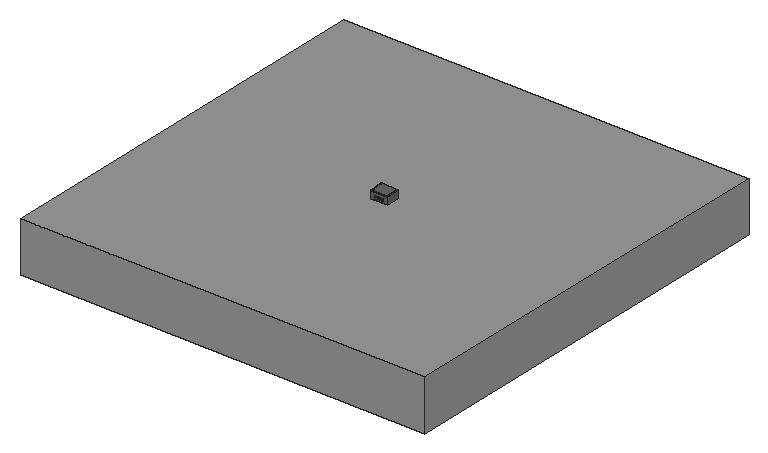
Revit family "PARLÉ TCM-1 Network Box_rev2", category Communication Devices, host Face, Revit 2019
Family settings
  Host = Face
  Maintain Annotation Orientation = No
  Round Connector Dimension = Use Diameter
  Part Type = Normal
  Cut with Voids When Loaded = No
  Shared = Yes
  Room Calculation Point = Yes
Parameters (values of type "PARLÉ™ TCM-1EX - Plenum Network Box")
  Width = 0' - 4"
  Weight Product = 0.8
  TCM1/1A = no
  TCM-1EX = yes
  Regulatory Compliance = "FCC Part 15B (USA) CE marked (Europe) UL and C-UL listed (USA and Canada) RoHS Directive (Europe) Evaluated to the requirements of UL 2043 and is suitable for use in air handling spaces"
  Product Page URL = "https://www.biamp.com/products/product-families/parle/parle-microphones#parle-tcm-1"
  Product Documentation Link = "https://downloads.biamp.com/assets/docs/default-source/data-sheets/biamp_data_sheet_parle_tcm-1_jul19.pdf?sfvrsn=d3006c31_26&_ga=2.101726529.1990077202.1620849750-121540068.1620849750"
  Power = "Custom/Proprietary"
  POE+ = no
  POE Power = 0
  Model = "PARLÉ™ TCM-1EX"
  Max Distance Between Devices = "33 feet (10 meters) between TCM plenum boxes"
  Manufacturer URL = "https://www.biamp.com/"
  Manufacturer = "Biamp Systems"
  Height = 0' - 2"
  Description = "Pendant Microphone Expansion Mic only. Requires TCM 1/1A."
  Depth = 0' - 5 1/4"
  Default Elevation = 0' - 0"
  Connector = "Two RJ-45: one between TCM-1EX plenum box and TCM-1 or TCM-1A, the other between TCM-1EX plenum box and additional TCM-1EX plenum box; 2-pin 3.5 mm Phoenix connector to TCM-1EX microphone"
  Case Finish = Black Finish
  Amplifier = "None"
Types (3): name | Width | Weight Product | TCM1/1A | TCM-1EX | Power | POE+ | POE Power | Model | Max Distance Between Devices | Description | Depth | Connector | Amplifier
  PARLÉ™ TCM-1 - Plenum Network Box | 0' - 7" | 2.4 | yes | no | "PoE (IEEE 802.3at Class 3, 15.4W)" | no | 15.4 | "PARLÉ™ TCM-1" | "330 feet (100 meters) from switch to TCM-1 plenum box; 33 feet (10 meters) for daisy-chained connections between TCM plenum boxes" | "Pendant Microphone Network Box only. Refer to Parle TCM-1 Mic for additional data." | 0' - 7 1/8" | "Two RJ-45: one between TCM-1 plenum box and switch, the other between TCM-1 plenum box and additional TCM-1EX plenum box; 2-pin 3.5 mm Phoenix connector to TCM-1 microphone" | "None"
  PARLÉ™ TCM-1A - Plenum Network Box | 0' - 7" | 2.4 | yes | no | "PoE (IEEE 802.3at Class 3, 30W)" | yes | 30 | "PARLÉ™ TCM-1A" | "330 feet (100 meters) from switch to TCM-1 plenum box; 33 feet (10 meters) for daisy-chained connections between TCM plenum boxes" | "Pendant Microphone Network Box with amplifier only. Refer to Parle TCM-1 Mic for additional data." | 0' - 7 1/8" | "Two RJ-45: one between TCM-1 plenum box and switch, the other between TCM-1 plenum box and additional TCM-1EX plenum box; 2-pin 3.5 mm Phoenix connector to TCM-1 microphone" | "2X Class D - 4Ω (per channel): 40W - 8Ω (per channel): 30W"
  PARLÉ™ TCM-1EX - Plenum Network Box | 0' - 4" | 0.8 | no | yes | "Custom/Proprietary" | no | 0 | "PARLÉ™ TCM-1EX" | "33 feet (10 meters) between TCM plenum boxes" | "Pendant Microphone Expansion Mic only. Requires TCM 1/1A." | 0' - 5 1/4" | "Two RJ-45: one between TCM-1EX plenum box and TCM-1 or TCM-1A, the other between TCM-1EX plenum box and additional TCM-1EX plenum box; 2-pin 3.5 mm Phoenix connector to TCM-1EX microphone" | "None"
Reference planes (in)
  plane 1 "Center (Front/Back)": y = 0
  plane 2: z = 0
  plane 3 "Center (Left/Right)": x = 0
Forms (in)
  Extrusion 1, solid, material "Light Gray Finish"
    sketch origin (0, 0, 0) x (1, 0, 0) y (0, 1, 0)
      loop
        line (-48, 48) -> (-48, -48) -> (48, -48) -> (48, 48) -> (-48, 48)
    from 0 to -12
  Extrusion 2, solid, material "Black Finish" <- "Case Finish", visible <- "TCM1/1A"
    sketch origin (0, 0, 0) x (1, 0, 0) y (0, 1, 0)
      loop
        line (-3.11892, -3.37055) -> (-3.28477, -3.37055)
        arc (-3.28477, -3.37055) -> (-3.30669, -3.36147) -> (-3.31577, -3.33956) r 0.031
        line (-3.31577, -3.33956) -> (-3.31577, 3.33956)
        arc (-3.31577, 3.33956) -> (-3.30669, 3.36147) -> (-3.28477, 3.37055) r 0.031
        line (-3.28477, 3.37055) -> (-3.11892, 3.37055) -> (-3.11892, 3.4062) -> (-3.28477, 3.4062)
        arc (-3.28477, 3.4062) -> (-3.3319, 3.38668) -> (-3.35143, 3.33954) r 0.06666
        line (-3.35143, 3.33954) -> (-3.35143, -3.33954)
        arc (-3.35143, -3.33954) -> (-3.3319, -3.38668) -> (-3.28477, -3.4062) r 0.06666
        line (-3.28477, -3.4062) -> (-3.11892, -3.4062) -> (-3.11892, -3.37055)
      loop
        line (3.11892, -3.37055) -> (3.11892, -3.4062) -> (3.28477, -3.4062)
        arc (3.28477, -3.4062) -> (3.3319, -3.38668) -> (3.35143, -3.33954) r 0.06666
        line (3.35143, -3.33954) -> (3.35143, 3.33954)
        arc (3.35143, 3.33954) -> (3.3319, 3.38668) -> (3.28477, 3.4062) r 0.06666
        line (3.28477, 3.4062) -> (3.11892, 3.4062) -> (3.11892, 3.37055) -> (3.28477, 3.37055)
        arc (3.28477, 3.37055) -> (3.30669, 3.36147) -> (3.31577, 3.33956) r 0.031
        line (3.31577, 3.33956) -> (3.31577, -3.33956)
        arc (3.31577, -3.33956) -> (3.30669, -3.36147) -> (3.28477, -3.37055) r 0.031
        line (3.28477, -3.37055) -> (3.11892, -3.37055)
    from 0.08119 to 1.66524
  Extrusion 3, solid, material "Black Finish" <- "Case Finish", visible <- "TCM1/1A"
    sketch origin (0, 0, 0) x (1, 0, 0) y (0, 0, 1)
      loop
        arc (-3.43004, 0.08119) -> (-3.40626, 0.02378) -> (-3.34885, 0) r 0.08119
        line (-3.34885, 0) -> (3.34885, 0)
        arc (3.34885, 0) -> (3.40626, 0.02378) -> (3.43004, 0.08119) r 0.08119
        line (3.43004, 0.08119) -> (3.37966, 0.08119)
        arc (3.37966, 0.08119) -> (3.37064, 0.05941) -> (3.34887, 0.05039) r 0.0308
        line (3.34887, 0.05039) -> (-3.34887, 0.05039)
        arc (-3.34887, 0.05039) -> (-3.37064, 0.05941) -> (-3.37966, 0.08119) r 0.0308
        line (-3.37966, 0.08119) -> (-3.43004, 0.08119)
    from -3.35196 to 3.35194
  Extrusion 4, solid, material "Black Finish" <- "Case Finish", visible <- "TCM1/1A"
    sketch origin (0, 0, 0) x (1, 0, 0) y (0, 1, 0)
      loop
        line (-3.28477, -3.35194) -> (3.28581, -3.35194) -> (3.28581, -3.3163) -> (-3.28477, -3.3163) -> (-3.28477, -3.35194)
    from 0.05039 to 1.66524
  Extrusion 5, solid, material "Black Finish" <- "Case Finish", visible <- "TCM1/1A"
    sketch origin (0, 0, 0) x (1, 0, 0) y (0, 1, 0)
      loop
        line (-3.28477, 3.35194) -> (-3.28477, 3.3163) -> (3.28581, 3.3163) -> (3.28581, 3.35194) -> (-3.28477, 3.35194)
    from 0.05039 to 1.66524
  Extrusion 6, solid, material "Black Finish" <- "Case Finish", visible <- "TCM1/1A"
    sketch origin (0, 0, 0) x (1, 0, 0) y (0, 0, 1)
      loop
        line (-3.37547, 1.66524) -> (-3.33769, 1.66524) -> (-3.33769, 1.91581)
        arc (-3.33769, 1.91581) -> (-3.32868, 1.93758) -> (-3.30691, 1.94661) r 0.0308
        line (-3.30691, 1.94661) -> (-3.30691, 1.983)
        arc (-3.30691, 1.983) -> (-3.35531, 1.9638) -> (-3.37547, 1.91581) r 0.06721
        line (-3.37547, 1.91581) -> (-3.37547, 1.66524)
      loop
        line (3.37547, 1.66524) -> (3.37547, 1.91581)
        arc (3.37547, 1.91581) -> (3.35531, 1.9638) -> (3.30691, 1.983) r 0.06721
        line (3.30691, 1.983) -> (3.30691, 1.94661)
        arc (3.30691, 1.94661) -> (3.32868, 1.93758) -> (3.33769, 1.91581) r 0.0308
        line (3.33769, 1.91581) -> (3.33769, 1.66524) -> (3.37547, 1.66524)
    from -3.24462 to 3.24461
  Extrusion 7, solid, material "Black Finish" <- "Case Finish", visible <- "TCM1/1A"
    sketch origin (0.00001, -0.1329, 0) x (0, 1, 0) y (0, 0, 1)
      loop
        line (-3.18026, 1.66524) -> (-3.14249, 1.66524) -> (-3.14249, 1.91581)
        arc (-3.14249, 1.91581) -> (-3.13347, 1.93758) -> (-3.11171, 1.94661) r 0.0308
        line (-3.11171, 1.94661) -> (-3.11171, 1.983)
        arc (-3.11171, 1.983) -> (-3.1601, 1.9638) -> (-3.18026, 1.91581) r 0.06721
        line (-3.18026, 1.91581) -> (-3.18026, 1.66524)
      loop
        line (3.44608, 1.66524) -> (3.44608, 1.91581)
        arc (3.44608, 1.91581) -> (3.42592, 1.9638) -> (3.37752, 1.983) r 0.06721
        line (3.37752, 1.983) -> (3.37752, 1.94661)
        arc (3.37752, 1.94661) -> (3.39929, 1.93758) -> (3.4083, 1.91581) r 0.0308
        line (3.4083, 1.91581) -> (3.4083, 1.66524) -> (3.44608, 1.66524)
    from -3.24462 to 3.24461
  Extrusion 8, solid, material "Black Finish" <- "Case Finish", visible <- "TCM1/1A"
    sketch origin (0, 0, 0) x (1, 0, 0) y (0, 1, 0)
      loop
        line (-3.30691, 3.24462) -> (-3.30691, -3.24461) -> (3.30691, -3.24461) -> (3.30691, 3.24462) -> (-3.30691, 3.24462)
    from 1.66524 to 1.983
  Extrusion 9, solid, material "Black Finish" <- "Case Finish", visible <- "TCM1/1A"
    sketch origin (0, 0, 0) x (1, 0, 0) y (0, 1, 0)
      loop
        line (3.43004, 0.73676) -> (3.43004, 0.69094) -> (3.47174, 0.64622) -> (3.47174, -0.64622) -> (3.43004, -0.69094) -> (3.43004, -0.73676) -> (3.50299, -0.65853) -> (3.50299, 0.65853) -> (3.43004, 0.73676)
    from 0.08119 to 1.66572
  Extrusion 10, solid, material "Black Finish" <- "Case Finish", visible <- "TCM1/1A"
    sketch origin (0, 0, 0) x (1, 0, 0) y (0, 0, 1)
      loop
        line (-1.78322, 0.84966) -> (-1.78322, 0.29534) -> (-1.09903, 0.29534) -> (-1.09903, 0.84966) -> (-1.78322, 0.84966)
      loop
        line (0.21757, 0.84966) -> (0.21757, 0.29534) -> (0.90177, 0.29534) -> (0.90177, 0.84966) -> (0.21757, 0.84966)
    from 3.31125 to 3.35194
  Extrusion 11, solid, material "Black Finish" <- "Case Finish", visible <- "TCM1/1A"
    sketch origin (0, 0, 0) x (1, 0, 0) y (0, 0, 1)
      loop
        line (3.43004, 1.66572) -> (3.37966, 1.66572) -> (3.37966, 0.08119) -> (3.43004, 0.08119) -> (3.43004, 1.66572)
      loop
        line (-3.43004, 1.66572) -> (-3.43004, 0.08119) -> (-3.37966, 0.08119) -> (-3.37966, 1.66572) -> (-3.43004, 1.66572)
    from -3.35196 to 3.35194
  Extrusion 12, void
    sketch origin (0, 0, 0) x (1, 0, 0) y (0, 1, 0)
      loop
        arc (1.61303, 2.54401) -> (1.70556, 2.45149) -> (1.79808, 2.54401) r 0.09252
        line (1.79808, 2.54401) -> (1.79808, 2.7209)
        arc (1.79808, 2.7209) -> (1.70556, 3.06661) -> (1.61303, 2.7209) r 0.18523
        line (1.61303, 2.7209) -> (1.61303, 2.54401)
      loop
        arc (1.61303, -2.88108) -> (1.70556, -2.9736) -> (1.79808, -2.88108) r 0.09252
        line (1.79808, -2.88108) -> (1.79808, -2.70419)
        arc (1.79808, -2.70419) -> (1.70556, -2.35848) -> (1.61303, -2.70419) r 0.18523
        line (1.61303, -2.70419) -> (1.61303, -2.88108)
    from 1.94661 to 1.983
  Extrusion 13, solid, material "Black Finish" <- "Case Finish", visible <- "TCM-1EX"
    sketch origin (0, 0, 0) x (1, 0, 0) y (0, 0, 1)
      loop
        line (-2.05432, 1.64479) -> (-2.05432, 0) -> (1.9993, 0) -> (1.9993, 1.64479) -> (-2.05432, 1.64479)
    from -1.58227 to 1.58414
  Extrusion 14, solid, material "Black Finish" <- "Case Finish", visible <- "TCM-1EX"
    sketch origin (0, 0, 0) x (1, 0, 0) y (0, 0, 1)
      loop
        arc (-1.8528, 1.95854) -> (-1.90069, 1.93871) -> (-1.92053, 1.89082) r 0.06773
        line (-1.92053, 1.89082) -> (-1.92053, 1.64479) -> (-1.8846, 1.64479) -> (-1.8846, 1.89082)
        arc (-1.8846, 1.89082) -> (-1.87529, 1.91329) -> (-1.85281, 1.9226) r 0.03179
        line (-1.85281, 1.9226) -> (1.85281, 1.9226)
        arc (1.85281, 1.9226) -> (1.87529, 1.91329) -> (1.8846, 1.89082) r 0.03179
        line (1.8846, 1.89082) -> (1.8846, 1.64479) -> (1.92053, 1.64479) -> (1.92053, 1.89082)
        arc (1.92053, 1.89082) -> (1.90069, 1.93871) -> (1.8528, 1.95854) r 0.06773
        line (1.8528, 1.95854) -> (-1.8528, 1.95854)
    from -1.46635 to 1.46526
  Extrusion 15, solid, material "Black Finish" <- "Case Finish", visible <- "TCM-1EX"
    sketch origin (0, 0, 0) x (1, 0, 0) y (0, 0, 1)
      loop
        line (-1.8846, 1.64479) -> (1.88414, 1.64479) -> (1.88414, 1.92233) -> (-1.8846, 1.92233) -> (-1.8846, 1.64479)
    from -1.46635 to 1.46526
  Extrusion 16, solid, material "Black Finish" <- "Case Finish", visible <- "TCM-1EX"
    sketch origin (0, 0, 0) x (1, 0, 0) y (0, 0, 1)
      loop
        line (-0.91154, 1.00484) -> (-0.91154, 0.44783) -> (-0.26469, 0.44783) -> (-0.26469, 1.00484) -> (-0.91154, 1.00484)
      loop
        line (0.2633, 1.00484) -> (0.2633, 0.44783) -> (0.91017, 0.44783) -> (0.91017, 1.00484) -> (0.2633, 1.00484)
    from 1.58414 to 1.62327
Cuts and joins
  Extrusion 12 cuts Extrusion 3
  Extrusion 12 cuts Extrusion 4
  Extrusion 12 cuts Extrusion 5
  joined: Extrusion 3, Extrusion 4, Extrusion 5
  Extrusion 12 cuts Extrusion 8
  joined: Extrusion 6, Extrusion 7, Extrusion 8
  joined: Extrusion 9, Extrusion 11
Dimensions and locks (in)
  aligned and locked: plane 2 to Extrusion 1
  aligned and locked: level to Extrusion 1
  aligned and locked: cut or joined group of Extrusion 6, Extrusion 7, Extrusion 8, Extrusion 12 to Extrusion 12
Connectors (in)
  electrical at (-1.44113, -3.35194, 0.5725)
    settings: on Extrusion 10, index 1, voltage 0 V, apparent load 0 VA, apparent load phase1 0 VA, apparent load phase2 0 VA, apparent load phase3 0 VA, power factor 1, load classification "Other", number of poles 1, system type 5, power factor state 1, is connector primary yes, connector utility no, sub classification motor no, connector description "AVB/Control"
  electrical at (0.55967, -3.35194, 0.5725)
    settings: on Extrusion 10, index 2, voltage 0 V, apparent load 0 VA, apparent load phase1 0 VA, apparent load phase2 0 VA, apparent load phase3 0 VA, power factor 1, load classification "Other", number of poles 1, system type 14, power factor state 1, is connector primary no, connector utility no, sub classification motor no, connector description "Mic Input"
  electrical at (0.00052, -3.3163, 0.85781)
    settings: on cut or joined group of Extrusion 3, Extrusion 4, Extrusion 5, Extrusion 12, index 3, voltage 0 V, apparent load 0 VA, apparent load phase1 0 VA, apparent load phase2 0 VA, apparent load phase3 0 VA, power factor 1, load classification "Other", number of poles 1, system type 14, power factor state 1, is connector primary no, connector utility no, sub classification motor no, connector description "Loudspeaker Output"
